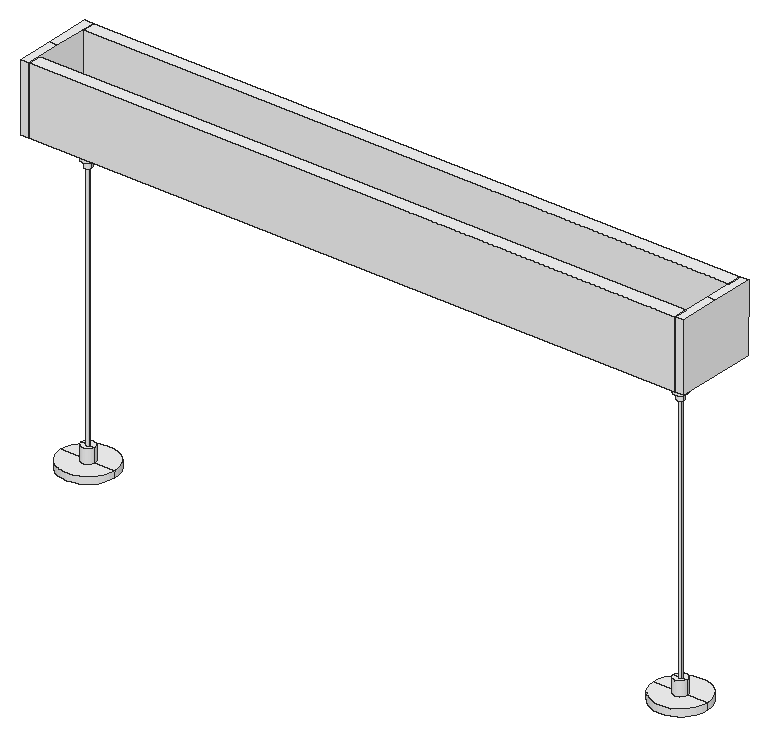
Revit family "70L-P-D", category Lighting Fixtures, host Face, Revit 2021
Family settings
  Host = Face
  Round Connector Dimension = Use Diameter
  Part Type = Normal
  OmniClass Number = 23.80.70.14.21
  OmniClass Title = Street and Roadway Lighting
  Cut with Voids When Loaded = No
  Light Source = Yes
  Shared = Yes
  Room Calculation Point = No
Parameters (values of type "70L-P-D-02")
  zz Length 1 = 24.000"
  Watts = 25 W
  Wattage Comments = ""
  Wattage = 106.5 W
  built-in parameter 1150110 = 1 (stored number, unit not read)
  Voltage = 120 V
  URL = "https://www.currentlighting.com/litecontrol"
  Type Comments = "Lighting Fixtures"  # constant formula
  built-in parameter 1114217 = 1 (stored number, unit not read)
  Tilt Angle = -90.00°  # constant formula
  built-in parameter 1150109 = 1 (stored number, unit not read)
  built-in parameter 1150134 = (empty or 0)
  built-in parameter 1150113 = 1 (stored number, unit not read)
  Product Page URL = ""
  Product Material = White
  Product Documentation Link = ""
  Power Factor = 1
  Photometric Web Link = ""
  Photometric Web File = "70L-X-D-4-CX-35K-D030-ECC.ies"
  Photometric Note = "More Photometric Web Files dowload in the Web link"  # constant formula
  Model = "Nelo 70L"  # constant formula
  Manufacturer = "LITECONTROL"  # constant formula
  built-in parameter 1150105 = -5126353.4 (stored number, unit not read)
  Lumens = 12247.5 lm
  built-in parameter 1150115 = 1 (stored number, unit not read)
  Load Classification = Lighting
  built-in parameter 1150137 = (empty or 0)
  built-in parameter 1150139 = (empty or 0)
  built-in parameter 1150112 = 1 (stored number, unit not read)
  built-in parameter 1150114 = 1 (stored number, unit not read)
  Lamp = "LED"  # constant formula
  built-in parameter 1150132 = (empty or 0)
  built-in parameter 1150102 = (empty or 0)
  built-in parameter 1150107 = 3107 (stored number, unit not read)
  built-in parameter 1150138 = (empty or 0)
  built-in parameter 1150106 = -51263.5 (stored number, unit not read)
  Glass = Glass - White
  Features = " Variable Intensity technology provides a range of specifiable outputs and \r\nresulting fixture wattages\r\n•  1200 lumens max. See performance data table on page 4 for additional \r\ninformation\r\n•  80 & 90 CRI (30, 35, 40K); Warm Dim (30-22K), Tunable White (27-65K & 27-50K)"  # constant formula
  Emit from Line Length = zz Length 1 - 1.000"  # 23.000"
  built-in parameter 1150104 = 10.684 (stored number, unit not read)
  Dimming Lamp Color Temperature Shift = <None>
  Description = "Open Aperture Recessed Direct"  # constant formula
  Default Elevation = 48.000"
  Cord Length = 10.000"
  Contact Us = ""
  Color Filter = 16777215
  built-in parameter 1114218 = 1 (stored number, unit not read)
  built-in parameter 1150133 = 10 (stored number, unit not read)
  Assembly Code = "D5020200"
  Apparent Load = Watts / Power Factor  # 25 VA
Types (7): name | zz Length 1 | Emit from Line Length
  (no name) | 24.000" | 23.000"
  70L-P-D-02 | 24.000" | 23.000"
  70L-P-D-03 | 36.000" | 35.000"
  70L-P-D-04 | 48.000" | 47.000"
  70L-P-D-05 | 60.000" | 59.000"
  70L-P-D-06 | 72.000" | 71.000"
  70L-P-D-08 | 96.000" | 95.000"
Reference planes (in)
  plane 1 "Center (Front/Back)": y = 0
  plane 2: z = 0
  plane 3 "Center (Left/Right)": x = 0
  plane 4: x = 12
  plane 5: x = -12
  plane 6: y = -1.5
  plane 7: y = 1.5
  plane 8: z = 10
  plane 9: z = 11.25
  plane 10: z = 13.75
  plane 11: x = 12.313
  plane 12: x = -12.313
  plane 13: x = -11
  plane 14: x = 11
Forms (in)
  Extrusion 1, solid, material "White" <- "Product Material"
    sketch origin (0, 0, 0) x (0, 1, 0) y (0, 0, 1)
      loop
        line (1.5, 13.75) -> (1, 13.75) -> (1, 12) -> (0, 12) -> (-1, 12) -> (-1, 13.75) -> (-1.5, 13.75) -> (-1.5, 11.25) -> (1.5, 11.25) -> (1.5, 13.75)
    from -12 to 12
  Extrusion 2, solid, material "White" <- "Product Material"
    sketch origin (0, 0, 0) x (0, 1, 0) y (0, 0, 1)
      loop
        line (-1.5, 13.75) -> (-1.5, 11.25) -> (1.5, 11.25) -> (1.5, 13.75) -> (0, 13.75) -> (-1.5, 13.75)
    from 12 to 12.313
  Extrusion 3, solid, material "White" <- "Product Material"
    sketch origin (0, 0, 0) x (0, 1, 0) y (0, 0, -1)
      loop
        line (-1.5, -13.75) -> (-0.13994, -13.75) -> (1.5, -13.75) -> (1.5, -11.25) -> (-1.5, -11.25) -> (-1.5, -13.75)
    from 12 to 12.313
  Revolve 4, solid, material "White" <- "Product Material"
    sketch origin (0, 0, 0) x (1, 0, 0) y (0, 0, 1)
      loop
        line (11, 11.25) -> (11, 0) -> (12, 0) -> (12, 0.25) -> (11.25, 0.25) -> (11.25, 0.75) -> (11.05622, 0.75) -> (11.05622, 10) -> (11.12699, 10) -> (11.12699, 10.25) -> (11.25, 10.25) -> (11.25, 11.25) -> (11, 11.25)
      axis (11, 11.25) -> (11, 0)
    angle from 0 to 360
  Revolve 5, solid, material "White" <- "Product Material"
    sketch origin (0, 0, 0) x (-1, 0, 0) y (0, 0, -1)
      loop
        line (11, -11.25) -> (11.25, -11.25) -> (11.25, -10.25) -> (11.12699, -10.25) -> (11.12699, -10) -> (11.05622, -10) -> (11.05622, -0.75) -> (11.25, -0.75) -> (11.25, -0.25) -> (12, -0.25) -> (12, 0) -> (11, 0) -> (11, -11.25)
      axis (11, -11.25) -> (11, 0)
    angle from 0 to 360
Dimensions and locks (in)
  "zz Length 1": plane 4 to plane 5
  equal spacing: plane 4, plane 3 "Center (Left/Right)", plane 5
  "Cord Length": plane 8 to plane 2
  plane 9 to plane 8 = 1.250"
  plane 10 to plane 9 = 2.500"
  locked: plane 4 to plane 14 at 1
  locked: plane 11 to plane 4 at 0.313
  locked: plane 13 to plane 5 at 1
  locked: plane 5 to plane 12 at 0.313
  locked: Revolve 4 sketch curve to Revolve 4 sketch curve at 0.25
  locked: Revolve 5 sketch curve to Revolve 5 sketch curve at 0.25
  aligned and locked: plane 2 to host face
  aligned and locked: level to host face
  aligned and locked: Extrusion 1 to plane 5
  aligned and locked: plane 4 to Extrusion 1
  aligned and locked: plane 11 to Extrusion 2
  aligned and locked: Extrusion 2 to plane 4
  aligned and locked: Revolve 4 sketch curve to plane 14
  aligned and locked: Extrusion 3 to plane 12
  aligned and locked: plane 5 to Extrusion 3
  aligned and locked: Revolve 5 sketch curve to plane 13
Automatic sketch dimensions
  host sketch curve to host sketch curve = 96.000"  (x2)
  Extrusion 1 sketch curve to plane 6 = 0.000"
  Extrusion 1 sketch curve to plane 10 = 0.000"  (x2)
  Extrusion 1 sketch curve to plane 1 "Center (Front/Back)" = 0.000"
  Extrusion 1 sketch curve to plane 7 = 0.000"
  Extrusion 1 sketch curve to plane 9 = 0.000"
  Extrusion 1 sketch curve to plane 6 = 0.500"
  plane 7 to Extrusion 1 sketch curve = 0.500"
  plane 9 to Extrusion 1 sketch curve = 0.750"
  Extrusion 2 sketch curve to plane 6 = 0.000"
  Extrusion 2 sketch curve to plane 10 = 0.000"
  Extrusion 2 sketch curve to plane 7 = 0.000"
  Extrusion 2 sketch curve to plane 9 = 0.000"
  Extrusion 3 sketch curve to plane 6 = 0.000"
  Extrusion 3 sketch curve to plane 10 = 0.000"
  Extrusion 3 sketch curve to plane 7 = 0.000"
  Extrusion 3 sketch curve to plane 9 = 0.000"
  Revolve 4 sketch curve to plane 9 = 0.000"
  Revolve 4 sketch curve to plane 14 = 0.000"
  Revolve 4 sketch curve to plane 8 = 0.000"
  Revolve 4 sketch curve to level = 0.000"
  Revolve 4 sketch curve to plane 4 = 0.000"
  plane 14 to Revolve 4 sketch curve = 0.05622"
  Revolve 4 sketch curve to Revolve 4 sketch curve = 0.07078"
  Revolve 4 sketch curve to Revolve 4 sketch curve = 0.19378"
  Revolve 4 sketch curve to Revolve 4 sketch curve = 0.250"
  Revolve 4 sketch curve to Revolve 4 sketch curve = 0.500"
  plane 8 to Revolve 4 sketch curve = 0.250"
  Revolve 4 sketch curve to level = 24.000"
  plane 10 to Revolve 4 sketch curve = 19.42244"
  Revolve 5 sketch curve to plane 9 = 0.000"
  Revolve 5 sketch curve to plane 13 = 0.000"
  Revolve 5 sketch curve to plane 8 = 0.000"
  Revolve 5 sketch curve to level = 0.000"
  Revolve 5 sketch curve to plane 5 = 0.000"
  Revolve 5 sketch curve to plane 13 = 0.05622"
  Revolve 5 sketch curve to Revolve 5 sketch curve = 0.07078"
  Revolve 5 sketch curve to Revolve 5 sketch curve = 0.19378"
  plane 8 to Revolve 5 sketch curve = 0.250"
  level to Revolve 5 sketch curve = 0.750"
  level to Revolve 5 sketch curve = 0.250"
  plane 10 to Revolve 5 sketch curve = 19.42244"
  Revolve 5 sketch curve to Revolve 5 sketch curve = 24.000"
  Extrusion 2 sketch curve to plane 6 = 1.500"
  Extrusion 3 sketch curve to plane 6 = 1.36006"
Connectors (in)
  electrical at (11, 0, 0), driven by "Power Factor", driven by "Apparent Load", driven by "Voltage", driven by "Load Classification"
    settings: on Revolve 4, index 1, voltage 120 V, apparent load 25 VA, apparent load phase1 0 VA, apparent load phase2 0 VA, apparent load phase3 0 VA, power factor 1, load classification "Lighting", number of poles 1, system type 30, power factor state 1, is connector primary yes, connector utility no, sub classification motor no, connector description "Lighting Connector"
